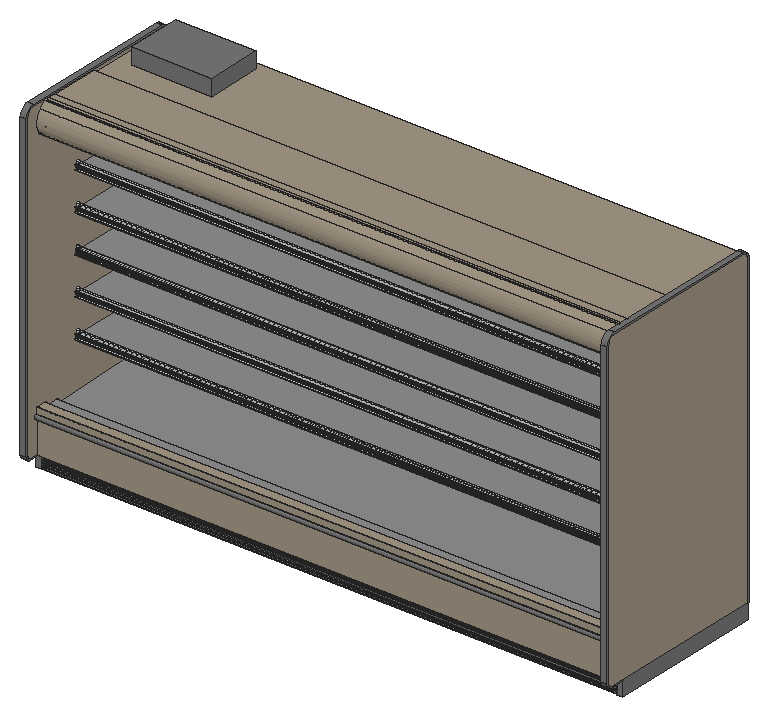
Revit family "5DMLH-NRG", category Mechanical Equipment, Revit 2017
Family settings
  Round Connector Dimension = Use Radius
  Part Type = Normal
  OmniClass Number = 23.40.40.11.17
  OmniClass Title = Refrigerated Cases
  Work Plane-Based = Yes
  Always vertical = Yes
  Cut with Voids When Loaded = No
  Shared = No
  Room Calculation Point = No
Parameters (values of type "12'")
  Width = 42 3/4"  # constant formula
  URL = "http://www.hillphoenix.com/?s=5dmlh"
  TOP REFRIGERATION PIPING = yes
  TOP ELECTRICAL = yes
  TOEKICK [instance] = MATTE BLACK PAINTED SHELVES
  STAINLESS STEEL = GALVANIZED STEEL
  SANITARY PIPE SIZE = DRAIN LINE DIAMETER / 2  # 3/4"
  Refrig Charge Lbs = "-"  # constant formula
  RT STD END = yes
  REFRIGERATION PIPING = COPPER PIPE
  SUCTION LINE RADIUS = SUCTION LINE DIAMETER / 2  # 1/4"
  SUCTION LINE DIAMETER = 1" / 2  # 1/2"
  SUCTION LINE CONNECTION = "SUCTION LINE CONNECTION"  # constant formula
  RUBBER BUMPER [instance] = BLACK
  PRESSURE REGULATOR = 0.00 psi  # constant formula
  POWER FACTOR = 1  # constant formula
  PAINTED METAL UPPER SHELF = PAINTED SHELVES
  PAINTED METAL INTERIOR [instance] = GALVANIZED STEEL
  PAINTED METAL EXTERIOR [instance] = CHARCOAL BROWN
  Model = "5DMLH-NRG"  # constant formula
  Manufacturer = "HILL PHOENIX"  # constant formula
  Load Mbh = 0  # constant formula
  Length = 144"
  Legend Number = Model  # "5DMLH-NRG"
  LOAD 5 WATTAGE = 0 W  # constant formula
  LOAD 5 VOLTAGE = 120 V  # constant formula
  LOAD 5 POLES = 1
  LOAD 5 PLUG TYPE = "HARDWIRED"  # constant formula
  LOAD 5 DESCRIPTION = "DRAIN HEATER CONNECTION"  # constant formula
  LOAD 5 CLASSIFICATION = none
  LOAD 4 WATTAGE = 0 W  # constant formula
  LOAD 4 VOLTAGE = 208 V  # constant formula
  LOAD 4 POLES = 1
  LOAD 4 PLUG TYPE = "HARDWIRED"  # constant formula
  LOAD 4 DESCRIPTION = "DEFROST HEATER CONNECTION"  # constant formula
  LOAD 4 CLASSIFICATION = none
  LOAD 3 WATTAGE = 0 W  # constant formula
  LOAD 3 VOLTAGE = 120 V  # constant formula
  LOAD 3 POLES = 1
  LOAD 3 PLUG TYPE = "HARDWIRED"  # constant formula
  LOAD 3 DESCRIPTION = "ANTI-SWEAT CONNECTION"  # constant formula
  LOAD 3 CLASSIFICATION = Power
  LOAD 2 WATTAGE = 0 W  # constant formula
  LOAD 2 VOLTAGE = 120 V  # constant formula
  LOAD 2 POLES = 1
  LOAD 2 PLUG TYPE = "HARDWIRED"  # constant formula
  LOAD 2 DESCRIPTION = "HIGH EFFICIENCY FANS CONNECTION"  # constant formula
  LOAD 2 CLASSIFICATION = Motor
  LOAD 1 WATTAGE = 0 W  # constant formula
  LOAD 1 VOLTAGE = 120 V  # constant formula
  LOAD 1 POLES = 1
  LOAD 1 PLUG TYPE = "HARDWIRED"  # constant formula
  LOAD 1 DESCRIPTION = "LIGHTS - STANDARD POWER (SHELF or CORNICE)"  # constant formula
  LOAD 1 CLASSIFICATION = Lighting
  LIQUID LINE RADIUS = 3/16"  # constant formula
  LIQUID LINE DIAMETER = LIQUID LINE RADIUS * 2  # 3/8"
  LIQUID LINE CONNECTION = "LIQUID LINE CONNECTION"  # constant formula
  LIGHT AMPS = LOAD 1 WATTAGE / LOAD 1 VOLTAGE  # 0 A
  LF STD END = yes
  Keynote = ""  # constant formula
  Item Description = Description  # "High Multi-Deck Merchandiser with Synerg-E™"
  Height = 82 5/8"  # constant formula
  HIGH EFFICIENCY FANS AMPS = LOAD 2 WATTAGE / LOAD 2 VOLTAGE * POWER FACTOR  # 0 A
  GLASS = Glass
  Evap Temp = 0  # constant formula
  EQUIPMENT MARK = Legend Number  # "5DMLH-NRG"
  EQUIPMENT DESCRIPTION = Item Description  # "High Multi-Deck Merchandiser with Synerg-E™"
  Description = "High Multi-Deck Merchandiser with Synerg-E™"  # constant formula
  Defrost Type = "TIMED-OFF DEFROST"  # constant formula
  Defrost Termination = "- °F"  # constant formula
  Defrost Num Day = 0  # constant formula
  Default Elevation = 48"
  DRIP PAN PLUMB TYPE = "HARD"  # constant formula
  DRAIN PIPING = yes
  DRAIN PIPE TYPE = "PVC"  # constant formula
  DRAIN LINE DIAMETER = 1 1/2"  # constant formula
  DRAIN LINE CONNECTION = "SANITARY CONNECTION"  # constant formula
  DRAIN LINE = Length / 2  # 72"
  DRAIN HEATERS AMPS = LOAD 5 WATTAGE / LOAD 5 VOLTAGE  # 0 A
  DISCHARGE AIR VELOCITY = "- (FPM)"  # constant formula
  DISCHARGE AIR TEMP = 0 °F  # constant formula
  DESIGNERS NAME = "SHIDDRAMESH"  # constant formula
  DEFROST AMPS = LOAD 4 WATTAGE / LOAD 4 VOLTAGE  # 0 A
  DATE = "05/02/2016"  # constant formula
  Certifications = "NSF 7, UL471, CSA"  # constant formula
  BOTTOM REFRIGERATION PIPING = yes
  BOTTOM ELECTRICAL = yes
  BASE [instance] = BLACK PAINTED METAL
  Assembly Code = ""
  ANTI CON AMPS = LOAD 3 WATTAGE / LOAD 3 VOLTAGE  # 0 A
  24" Shelf = yes
Reference planes (in)
  plane 1: z = 0.01963
  plane 2 "LEFT": x = 0
  plane 3 "CASE RIGHT": x = 144
  plane 4: z = 0
  plane 5: y = -15.80744
  plane 6: x = 145.5
  plane 7: x = 72
  plane 8: z = 82.625
  plane 9: y = -58.55744
  plane 10: x = 142
  plane 11: x = 130
Forms (in)
  Extrusion 1, solid, material "MATTE BLACK PAINTED SHELVES" <- "TOEKICK"
    sketch origin (0, 0, 0) x (0, 1, 0) y (0, 0, 1)
      loop
        line (-17.87946, 0.98) -> (-17.87946, 0.203)
        arc (-17.87946, 0.203) -> (-17.90699, 0.13653) -> (-17.97346, 0.109) r 0.094
        line (-17.97346, 0.109) -> (-19.34796, 0.109)
        arc (-19.34796, 0.109) -> (-19.41443, 0.13653) -> (-19.44196, 0.203) r 0.094
        line (-19.44196, 0.203) -> (-19.44196, 0.9805)
        arc (-19.44196, 0.9805) -> (-19.50142, 1.12404) -> (-19.64496, 1.1835) r 0.203
        line (-19.64496, 1.1835) -> (-20.11396, 1.1835)
        arc (-20.11396, 1.1835) -> (-20.25751, 1.12404) -> (-20.31696, 0.9805) r 0.203
        line (-20.31696, 0.9805) -> (-20.31696, 0.293) -> (-20.18096, 0.293) -> (-20.18096, 0.9805)
        arc (-20.18096, 0.9805) -> (-20.15343, 1.04697) -> (-20.08696, 1.0745) r 0.094
        line (-20.08696, 1.0745) -> (-19.64496, 1.0745)
        arc (-19.64496, 1.0745) -> (-19.57849, 1.04697) -> (-19.55096, 0.9805) r 0.094
        line (-19.55096, 0.9805) -> (-19.55096, 0.203)
        arc (-19.55096, 0.203) -> (-19.49151, 0.05946) -> (-19.34796, 0) r 0.203
        line (-19.34796, 0) -> (-17.97346, 0)
        arc (-17.97346, 0) -> (-17.82992, 0.05946) -> (-17.77046, 0.203) r 0.203
        line (-17.77046, 0.203) -> (-17.77046, 0.98) -> (-17.87946, 0.98)
      loop
        line (-49.37946, 0.98) -> (-49.48846, 0.98) -> (-49.48846, 0.203)
        arc (-49.48846, 0.203) -> (-49.42901, 0.05946) -> (-49.28546, 0) r 0.203
        line (-49.28546, 0) -> (-47.91096, 0)
        arc (-47.91096, 0) -> (-47.76742, 0.05946) -> (-47.70796, 0.203) r 0.203
        line (-47.70796, 0.203) -> (-47.70796, 0.9805)
        arc (-47.70796, 0.9805) -> (-47.68043, 1.04697) -> (-47.61396, 1.0745) r 0.094
        line (-47.61396, 1.0745) -> (-47.17196, 1.0745)
        arc (-47.17196, 1.0745) -> (-47.10549, 1.04697) -> (-47.07796, 0.9805) r 0.094
        line (-47.07796, 0.9805) -> (-47.07796, 0.293) -> (-46.94196, 0.293) -> (-46.94196, 0.9805)
        arc (-46.94196, 0.9805) -> (-47.00142, 1.12404) -> (-47.14496, 1.1835) r 0.203
        line (-47.14496, 1.1835) -> (-47.61396, 1.1835)
        arc (-47.61396, 1.1835) -> (-47.75751, 1.12404) -> (-47.81696, 0.9805) r 0.203
        line (-47.81696, 0.9805) -> (-47.81696, 0.203)
        arc (-47.81696, 0.203) -> (-47.84449, 0.13653) -> (-47.91096, 0.109) r 0.094
        line (-47.91096, 0.109) -> (-49.28546, 0.109)
        arc (-49.28546, 0.109) -> (-49.35193, 0.13653) -> (-49.37946, 0.203) r 0.094
        line (-49.37946, 0.203) -> (-49.37946, 0.98)
    from 0 to 144
  Extrusion 2, solid, material "MATTE BLACK PAINTED SHELVES" <- "TOEKICK"
    sketch origin (0, 0, 0) x (0, 1, 0) y (0, 0, 1)
      loop
        line (-17.87946, 4.14025) -> (-49.37946, 4.14025) -> (-49.37946, 0.203)
        arc (-49.37946, 0.203) -> (-49.35193, 0.13653) -> (-49.28546, 0.109) r 0.094
        line (-49.28546, 0.109) -> (-48.00446, 0.109) -> (-48.00446, 2.76525) -> (-19.25446, 2.76525) -> (-19.25446, 0.109) -> (-17.97346, 0.109)
        arc (-17.97346, 0.109) -> (-17.90699, 0.13653) -> (-17.87946, 0.203) r 0.094
        line (-17.87946, 0.203) -> (-17.87946, 4.14025)
    from 0 to 144
  Extrusion 3, solid, material "BLACK PAINTED METAL" <- "BASE"
    sketch origin (0, 0, 0) x (0, 1, 0) y (0, 0, 1)
      loop
        line (-49.37946, 4.14025) -> (-56.28796, 4.14025) -> (-56.28796, 0.4908)
        arc (-56.28796, 0.4908) -> (-56.24227, 0.38049) -> (-56.13196, 0.3348) r 0.156
        line (-56.13196, 0.3348) -> (-52.10756, 0.3348) -> (-49.37946, 1.06579) -> (-49.37946, 4.14025)
    from 0 to 144
  Extrusion 4, solid, material "MATTE BLACK PAINTED SHELVES" <- "TOEKICK"
    sketch origin (0, 0, 0) x (0, 1, 0) y (0, 0, 1)
      loop
        arc (-55.89331, 0) -> (-55.86431, 0.029) -> (-55.89331, 0.058) r 0.029
        line (-55.89331, 0.058) -> (-56.11431, 0.058) -> (-56.13462, 0.029) -> (-56.25696, 0.029)
        arc (-56.25696, 0.029) -> (-56.27888, 0.03808) -> (-56.28796, 0.06) r 0.031
        line (-56.28796, 0.06) -> (-56.28796, 3.904)
        arc (-56.28796, 3.904) -> (-56.30847, 3.89551) -> (-56.31696, 3.875) r 0.029
        line (-56.31696, 3.875) -> (-56.31696, 0.06)
        arc (-56.31696, 0.06) -> (-56.29939, 0.01757) -> (-56.25696, 0) r 0.06
        line (-56.25696, 0) -> (-55.89331, 0)
    from 0 to 144
  Extrusion 5, solid, material "MATTE BLACK PAINTED SHELVES" <- "TOEKICK"
    sketch origin (0, 0, 0) x (0, 1, 0) y (0, 0, 1)
      loop
        line (-17.87946, 4.14025) -> (-17.87946, 11.97925) -> (-19.85015, 11.97925) -> (-19.85015, 7.36919) -> (-52.79551, 6.21871) -> (-56.11069, 6.59627) -> (-56.11069, 10.60073) -> (-58.06275, 10.60073) -> (-58.06275, 4.14025) -> (-17.87946, 4.14025)
    from 0 to 144
  Extrusion 6, solid, material "CHARCOAL BROWN" <- "PAINTED METAL EXTERIOR"
    sketch origin (0, 0, 0) x (0, 1, 0) y (0, 0, 1)
      loop
        line (-17.87946, 11.97925) -> (-17.87946, 81.88725) -> (-53.59125, 81.88725) -> (-53.59125, 79.88725) -> (-19.85015, 79.88725) -> (-19.85015, 11.97925) -> (-17.87946, 11.97925)
    from 0 to 144
  Extrusion 7, solid, material "GALVANIZED STEEL" <- "PAINTED METAL INTERIOR"
    sketch origin (0, 0, 0) x (0, 1, 0) y (0, 0, 1)
      loop
        line (-19.85015, 79.88725) -> (-51.21346, 79.88725) -> (-51.21346, 76.74447)
        arc (-51.21346, 76.74447) -> (-51.19824, 76.70772) -> (-51.16149, 76.6925) r 0.05197
        line (-51.16149, 76.6925) -> (-50.80096, 76.6925) -> (-50.80096, 76.74328) -> (-51.16268, 76.74328) -> (-51.16268, 77.71992) -> (-47.23319, 77.71992) -> (-47.23319, 76.73928) -> (-47.65141, 76.73928) -> (-47.65141, 76.6885) -> (-47.24241, 76.6885)
        arc (-47.24241, 76.6885) -> (-47.19999, 76.70607) -> (-47.18241, 76.7485) r 0.06
        line (-47.18241, 76.7485) -> (-47.18241, 77.75831) -> (-25.51246, 77.75831) -> (-25.51246, 77.2175) -> (-22.87946, 77.2175)
        arc (-22.87946, 77.2175) -> (-22.1768, 76.92983) -> (-21.8776, 76.23201) r 1.002
        line (-21.8776, 76.23201) -> (-21.8776, 9.36925) -> (-19.85015, 9.36925) -> (-19.85015, 79.88725)
    from 0 to 144
  Extrusion 8, solid, material "GALVANIZED STEEL" <- "PAINTED METAL INTERIOR"
    sketch origin (0, 0, 0) x (0, 1, 0) y (0, 0, 1)
      loop
        line (-19.85015, 9.36925) -> (-21.8776, 9.36925) -> (-21.8776, 14.12644) -> (-22.87798, 14.09151)
        arc (-22.87798, 14.09151) -> (-22.90077, 14.08614) -> (-22.91977, 14.07246) r 0.06
        line (-22.91977, 14.07246) -> (-23.19107, 13.78152) -> (-52.49201, 12.75831) -> (-52.52597, 13.73072)
        arc (-52.52597, 13.73072) -> (-52.55041, 13.78435) -> (-52.60561, 13.80499) r 0.077
        line (-52.60561, 13.80499) -> (-56.11069, 13.68258) -> (-56.11069, 6.59627) -> (-52.79551, 6.21871) -> (-19.85015, 7.36919) -> (-19.85015, 9.36925)
    from 0 to 144
  Extrusion 9, solid, material "CHARCOAL BROWN" <- "PAINTED METAL EXTERIOR"
    sketch origin (0, 0, 0) x (0, 1, 0) y (0, 0, 1)
      loop
        line (-58.55744, 3.84325) -> (-57.39846, 3.84325) -> (-57.39846, 4.14025) -> (-58.06275, 4.14025) -> (-58.06275, 14.00694) -> (-56.10571, 14.00694) -> (-56.10571, 14.7182)
        arc (-56.10571, 14.7182) -> (-56.12387, 14.76204) -> (-56.16771, 14.7802) r 0.062
        line (-56.16771, 14.7802) -> (-58.56931, 14.7802)
        arc (-58.56931, 14.7802) -> (-58.61315, 14.76204) -> (-58.63131, 14.7182) r 0.062
        line (-58.63131, 14.7182) -> (-58.63131, 12.7282) -> (-58.55744, 12.7282) -> (-58.55744, 3.84325)
    from 0 to 144
  Extrusion 10, solid, material "CHARCOAL BROWN" <- "PAINTED METAL EXTERIOR"
    sketch origin (0, 0, 0) x (0, 1, 0) y (0, 0, 1)
      loop
        line (-58.06275, 14.00694) -> (-58.06275, 10.60073) -> (-56.11069, 10.60073) -> (-56.11069, 14.00694) -> (-58.06275, 14.00694)
    from 0 to 144
  Extrusion 11, solid, material "PAINTED SHELVES" <- "PAINTED METAL UPPER SHELF"
    sketch origin (0, -3.23939, 7.0032) x (0, 1, 0) y (0, 0, 1)
      loop
        line (-43.99381, 69.73609) -> (-43.99381, 70.71673) -> (-47.92329, 70.71673) -> (-47.92329, 69.73609) -> (-43.99381, 69.73609)
    from 0 to 144
  Extrusion 12, solid, material "CHARCOAL BROWN" <- "PAINTED METAL EXTERIOR", visible <- "LF STD END"
    sketch origin (0, 0, 0) x (0, 1, 0) y (0, 0, 1)
      loop
        arc (-59.44653, 82.625) -> (-60.86074, 82.03921) -> (-61.44653, 80.625) r 2
        line (-61.44653, 80.625) -> (-61.44653, 4.89025)
        arc (-61.44653, 4.89025) -> (-61.15363, 4.18314) -> (-60.44653, 3.89025) r 1
        line (-60.44653, 3.89025) -> (-17.87946, 3.89025) -> (-17.87946, 81.625)
        arc (-17.87946, 81.625) -> (-18.17236, 82.33211) -> (-18.87946, 82.625) r 1
        line (-18.87946, 82.625) -> (-59.44653, 82.625)
    from 0 to -1.5
  Extrusion 13, solid, material "BLACK" <- "RUBBER BUMPER", visible <- "LF STD END"
    sketch origin (0, 0, 0) x (0, 1, 0) y (0, 0, 1)
      loop
        line (-59.44653, 82.625) -> (-18.87946, 82.625)
        arc (-18.87946, 82.625) -> (-18.17236, 82.33211) -> (-17.87946, 81.625) r 1
        line (-17.87946, 81.625) -> (-17.87946, 3.89025) -> (-17.57868, 3.89025) -> (-17.57868, 81.625)
        arc (-17.57868, 81.625) -> (-17.95967, 82.54479) -> (-18.87946, 82.92578) r 1.30078
        line (-18.87946, 82.92578) -> (-59.44653, 82.92578)
        arc (-59.44653, 82.92578) -> (-61.07342, 82.2519) -> (-61.74731, 80.625) r 2.30078
        line (-61.74731, 80.625) -> (-61.74731, 4.89025)
        arc (-61.74731, 4.89025) -> (-61.36632, 3.97046) -> (-60.44653, 3.58947) r 1.30078
        line (-60.44653, 3.58947) -> (-56.84129, 3.58947) -> (-56.84129, 3.89025) -> (-60.44653, 3.89025)
        arc (-60.44653, 3.89025) -> (-61.15363, 4.18314) -> (-61.44653, 4.89025) r 1
        line (-61.44653, 4.89025) -> (-61.44653, 80.625)
        arc (-61.44653, 80.625) -> (-60.86074, 82.03921) -> (-59.44653, 82.625) r 2
    from 0 to -1.5
  Extrusion 14, solid, material "BLACK" <- "RUBBER BUMPER", visible <- "LF STD END"
    sketch origin (0, 0, 0) x (0, 1, 0) y (0, 0, 1)
      loop
        line (-17.57868, 3.89025) -> (-56.84129, 3.89025) -> (-56.84129, 0) -> (-17.57868, 0) -> (-17.57868, 3.89025)
    from 0 to -1.5
  Extrusion 15, solid, material "BLACK" <- "RUBBER BUMPER"
    sketch origin (0, 0, 0) x (0, 1, 0) y (0, 0, 1)
      loop
        arc (-58.96169, 13.2282) -> (-59.46169, 12.7282) -> (-58.96169, 12.2282) r 0.5
        line (-58.96169, 12.2282) -> (-58.63131, 12.2282) -> (-58.63131, 13.2282) -> (-58.96169, 13.2282)
    from 0 to 144
  Extrusion 16, solid, material "CHARCOAL BROWN" <- "PAINTED METAL EXTERIOR", visible <- "RT STD END"
    sketch origin (77.5, 0, 0) x (0, 1, 0) y (0, 0, 1)
      loop
        arc (-59.44653, 82.625) -> (-60.86074, 82.03921) -> (-61.44653, 80.625) r 2
        line (-61.44653, 80.625) -> (-61.44653, 4.89025)
        arc (-61.44653, 4.89025) -> (-61.15363, 4.18314) -> (-60.44653, 3.89025) r 1
        line (-60.44653, 3.89025) -> (-17.87946, 3.89025) -> (-17.87946, 81.625)
        arc (-17.87946, 81.625) -> (-18.17236, 82.33211) -> (-18.87946, 82.625) r 1
        line (-18.87946, 82.625) -> (-59.44653, 82.625)
    from 68 to 66.5
  Extrusion 17, solid, material "BLACK" <- "RUBBER BUMPER", visible <- "RT STD END"
    sketch origin (77.5, 0, 0) x (0, 1, 0) y (0, 0, 1)
      loop
        line (-59.44653, 82.625) -> (-18.87946, 82.625)
        arc (-18.87946, 82.625) -> (-18.17236, 82.33211) -> (-17.87946, 81.625) r 1
        line (-17.87946, 81.625) -> (-17.87946, 3.89025) -> (-17.57868, 3.89025) -> (-17.57868, 81.625)
        arc (-17.57868, 81.625) -> (-17.95967, 82.54479) -> (-18.87946, 82.92578) r 1.30078
        line (-18.87946, 82.92578) -> (-59.44653, 82.92578)
        arc (-59.44653, 82.92578) -> (-61.07342, 82.2519) -> (-61.74731, 80.625) r 2.30078
        line (-61.74731, 80.625) -> (-61.74731, 4.89025)
        arc (-61.74731, 4.89025) -> (-61.36632, 3.97046) -> (-60.44653, 3.58947) r 1.30078
        line (-60.44653, 3.58947) -> (-56.84129, 3.58947) -> (-56.84129, 3.89025) -> (-60.44653, 3.89025)
        arc (-60.44653, 3.89025) -> (-61.15363, 4.18314) -> (-61.44653, 4.89025) r 1
        line (-61.44653, 4.89025) -> (-61.44653, 80.625)
        arc (-61.44653, 80.625) -> (-60.86074, 82.03921) -> (-59.44653, 82.625) r 2
    from 68 to 66.5
  Extrusion 18, solid, material "BLACK" <- "RUBBER BUMPER", visible <- "RT STD END"
    sketch origin (77.5, 0, 0) x (0, 1, 0) y (0, 0, 1)
      loop
        line (-17.57868, 3.89025) -> (-56.84129, 3.89025) -> (-56.84129, 0) -> (-17.57868, 0) -> (-17.57868, 3.89025)
    from 68 to 66.5
  Extrusion 19, solid, material "MATTE BLACK PAINTED SHELVES" <- "TOEKICK", visible <- "TOP REFRIGERATION PIPING"
    sketch origin (0, 0, 0) x (1, 0, 0) y (0, 1, 0)
      loop
        line (142, -14.77046) -> (130, -14.77046) -> (130, -17.77046) -> (130.15196, -17.77046) -> (130.15196, -14.87431) -> (141.77483, -14.87431) -> (141.77483, -17.77046) -> (142, -17.77046) -> (142, -14.77046)
    from 9.36925 to 76.6925
  Extrusion 20, solid, material "COPPER PIPE" <- "REFRIGERATION PIPING", visible <- "TOP REFRIGERATION PIPING"
    sketch origin (2.26952, -0.38397, 0) x (1, 0, 0) y (0, 1, 0)
      loop
        circle (135.125, -16.90595) r 0.375
      loop
        circle (137.62779, -16.92481) r 0.40367
    from 31.20344 to 77.2175
  Extrusion 21, void
    sketch origin (0, 0, 0) x (1, 0, 0) y (0, 1, 0)
      loop
        circle (135.25, -46.00446) r 2
    from 2.76525 to 6.22241
  Extrusion 22, solid, material "COPPER PIPE" <- "REFRIGERATION PIPING", visible <- "BOTTOM REFRIGERATION PIPING"
    sketch origin (0, 0, 0) x (1, 0, 0) y (0, 1, 0)
      loop
        circle (136.12935, -46.00446) r 0.5
      loop
        circle (134.28718, -46.00446) r 0.375
    from 2.53688 to 4.14025
  Extrusion 23, void
    sketch origin (0, 0, 0) x (1, 0, 0) y (0, 1, 0)
      loop
        line (5, -51.80744) -> (5, -55.80744) -> (25.125, -55.80744) -> (25.125, -51.80744) -> (5, -51.80744)
    from 0.3348 to 2.76525
  Extrusion 24, solid, material "BLACK PAINTED METAL" <- "BASE", visible <- "BOTTOM ELECTRICAL"
    sketch origin (0, 0, 0) x (1, 0, 0) y (0, 1, 0)
      loop
        line (5, -51.80744) -> (5, -55.80744) -> (25.125, -55.80744) -> (25.125, -51.80744) -> (5, -51.80744)
    from 2.76525 to 2.51525
  Extrusion 25, solid, material "GALVANIZED STEEL" <- "PAINTED METAL INTERIOR", visible <- "24" Shelf"
    sketch origin (0, 0, 38.48893) x (0, 1, 0) y (0, 0, 1)
      loop
        line (-21.8776, 24.95738) -> (-45.8776, 24.95738) -> (-45.8776, 24.39738) -> (-34.71365, 24.39738) -> (-34.65504, 24.26192) -> (-25.21157, 23.32897)
        arc (-25.21157, 23.32897) -> (-24.5432, 23.14859) -> (-23.94993, 22.79183) r 2.5
        line (-23.94993, 22.79183) -> (-23.2471, 22.22312)
        arc (-23.2471, 22.22312) -> (-22.94367, 22.05499) -> (-22.60106, 22.00065) r 1
        line (-22.60106, 22.00065) -> (-21.8776, 22.01295) -> (-21.8776, 24.95738)
    from 0 to 144
  Extrusion 26, solid, material "GALVANIZED STEEL" <- "PAINTED METAL INTERIOR", visible <- "24" Shelf"
    sketch origin (0, 0, 28.98893) x (0, 1, 0) y (0, 0, 1)
      loop
        line (-21.8776, 24.95738) -> (-45.8776, 24.95738) -> (-45.8776, 24.39738) -> (-34.71365, 24.39738) -> (-34.65504, 24.26192) -> (-25.21157, 23.32897)
        arc (-25.21157, 23.32897) -> (-24.5432, 23.14859) -> (-23.94993, 22.79183) r 2.5
        line (-23.94993, 22.79183) -> (-23.2471, 22.22312)
        arc (-23.2471, 22.22312) -> (-22.94367, 22.05499) -> (-22.60106, 22.00065) r 1
        line (-22.60106, 22.00065) -> (-21.8776, 22.01295) -> (-21.8776, 24.95738)
    from 0 to 144 <- "Length"
  Extrusion 27, solid, material "GALVANIZED STEEL" <- "PAINTED METAL INTERIOR", visible <- "24" Shelf"
    sketch origin (0, 0, 19.48893) x (0, 1, 0) y (0, 0, 1)
      loop
        line (-21.8776, 24.95738) -> (-45.8776, 24.95738) -> (-45.8776, 24.39738) -> (-34.71365, 24.39738) -> (-34.65504, 24.26192) -> (-25.21157, 23.32897)
        arc (-25.21157, 23.32897) -> (-24.5432, 23.14859) -> (-23.94993, 22.79183) r 2.5
        line (-23.94993, 22.79183) -> (-23.2471, 22.22312)
        arc (-23.2471, 22.22312) -> (-22.94367, 22.05499) -> (-22.60106, 22.00065) r 1
        line (-22.60106, 22.00065) -> (-21.8776, 22.01295) -> (-21.8776, 24.95738)
    from 0 to 144 <- "Length"
  Extrusion 28, solid, material "GALVANIZED STEEL" <- "PAINTED METAL INTERIOR", visible <- "24" Shelf"
    sketch origin (0, 0, 9.98893) x (0, 1, 0) y (0, 0, 1)
      loop
        line (-21.8776, 24.95738) -> (-45.8776, 24.95738) -> (-45.8776, 24.39738) -> (-34.71365, 24.39738) -> (-34.65504, 24.26192) -> (-25.21157, 23.32897)
        arc (-25.21157, 23.32897) -> (-24.5432, 23.14859) -> (-23.94993, 22.79183) r 2.5
        line (-23.94993, 22.79183) -> (-23.2471, 22.22312)
        arc (-23.2471, 22.22312) -> (-22.94367, 22.05499) -> (-22.60106, 22.00065) r 1
        line (-22.60106, 22.00065) -> (-21.8776, 22.01295) -> (-21.8776, 24.95738)
    from 0 to 144 <- "Length"
  Extrusion 29, solid, material "GALVANIZED STEEL" <- "PAINTED METAL INTERIOR", visible <- "24" Shelf"
    sketch origin (0, 0, 0.48893) x (0, 1, 0) y (0, 0, 1)
      loop
        line (-21.8776, 24.95738) -> (-45.8776, 24.95738) -> (-45.8776, 24.39738) -> (-34.71365, 24.39738) -> (-34.65504, 24.26192) -> (-25.21157, 23.32897)
        arc (-25.21157, 23.32897) -> (-24.5432, 23.14859) -> (-23.94993, 22.79183) r 2.5
        line (-23.94993, 22.79183) -> (-23.2471, 22.22312)
        arc (-23.2471, 22.22312) -> (-22.94367, 22.05499) -> (-22.60106, 22.00065) r 1
        line (-22.60106, 22.00065) -> (-21.8776, 22.01295) -> (-21.8776, 24.95738)
    from 0 to 144 <- "Length"
  Extrusion 30, solid
    sketch origin (0, -5.96615, 0.04429) x (0, 1, 0) y (0, 0, 1)
      loop
        arc (-39.91306, 63.62142) -> (-39.84928, 63.68) -> (-39.77211, 63.6407) r 0.07591
        line (-39.77211, 63.6407) -> (-39.74318, 63.56666) -> (-39.70364, 63.58211) -> (-39.75198, 63.70581)
        arc (-39.75198, 63.70581) -> (-39.7965, 63.75539) -> (-39.85962, 63.77679) r 0.13153
        line (-39.85962, 63.77679) -> (-39.96618, 63.77679) -> (-39.96618, 62.64264)
        arc (-39.96618, 62.64264) -> (-39.99346, 62.58256) -> (-40.05177, 62.55167) r 0.10223
        line (-40.05177, 62.55167) -> (-40.22932, 62.52317)
        arc (-40.22932, 62.52317) -> (-40.31622, 62.56233) -> (-40.3285, 62.65686) r 0.09779
        arc (-40.3285, 62.65686) -> (-40.24252, 62.89614) -> (-40.20636, 63.14781) r 1.25899
        line (-40.20636, 63.14781) -> (-40.19258, 63.77595) -> (-40.41228, 63.77595)
        arc (-40.41228, 63.77595) -> (-40.4361, 63.76811) -> (-40.45224, 63.74892) r 0.04591
        line (-40.45224, 63.74892) -> (-40.47616, 63.70634) -> (-40.49013, 63.6679)
        arc (-40.49013, 63.6679) -> (-40.47292, 63.64673) -> (-40.45, 63.66152) r 0.02044
        line (-40.45, 63.66152) -> (-40.42738, 63.72371)
        arc (-40.42738, 63.72371) -> (-40.40775, 63.73312) -> (-40.38832, 63.72331) r 0.02465
        arc (-40.38832, 63.72331) -> (-40.34429, 63.66819) -> (-40.31288, 63.60501) r 0.33237
        line (-40.31288, 63.60501) -> (-40.27901, 63.60501) -> (-40.27901, 63.41736) -> (-40.24796, 63.40951) -> (-40.27969, 63.28146) -> (-40.28306, 63.11749)
        arc (-40.28306, 63.11749) -> (-40.26625, 63.08199) -> (-40.29039, 63.05099) r 0.03746
        line (-40.29039, 63.05099) -> (-40.30703, 62.94202)
        arc (-40.30703, 62.94202) -> (-40.29857, 62.90549) -> (-40.32574, 62.87964) r 0.0378
        arc (-40.32574, 62.87964) -> (-40.38066, 62.71676) -> (-40.46227, 62.56548) r 1.01517
        arc (-40.46227, 62.56548) -> (-40.48431, 62.54533) -> (-40.50931, 62.56168) r 0.02436
        line (-40.50931, 62.56168) -> (-40.52909, 62.6191)
        arc (-40.52909, 62.6191) -> (-40.55536, 62.62204) -> (-40.56468, 62.5973) r 0.02153
        arc (-40.56468, 62.5973) -> (-40.49202, 62.47808) -> (-40.36735, 62.41525) r 0.25404
        arc (-40.36735, 62.41525) -> (-40.33437, 62.41168) -> (-40.30145, 62.41579) r 0.14316
        line (-40.30145, 62.41579) -> (-39.83801, 62.49187)
        arc (-39.83801, 62.49187) -> (-39.76664, 62.52527) -> (-39.7259, 62.59272) r 0.13554
        line (-39.7259, 62.59272) -> (-39.69374, 62.68276) -> (-39.73329, 62.69689) -> (-39.77021, 62.62031)
        arc (-39.77021, 62.62031) -> (-39.855, 62.58768) -> (-39.90985, 62.66009) r 0.07556
        line (-39.90985, 62.66009) -> (-39.91306, 63.62142)
    from 0 to 144 <- "Length"
  Extrusion 31, solid
    sketch origin (0, -6.00003, 0) x (0, 1, 0) y (0, 0, 1)
      loop
        line (-39.93229, 62.69634) -> (-39.93229, 64.5102)
        arc (-39.93229, 64.5102) -> (-40.04295, 64.62086) -> (-40.15361, 64.5102) r 0.11066
        line (-40.15361, 64.5102) -> (-40.15361, 62.69634) -> (-39.93229, 62.69634)
    from 0 to 144 <- "Length"
  Extrusion 32, solid, material "BLACK" <- "RUBBER BUMPER"
    sketch origin (0, -2.38452, 0) x (0, 1, 0) y (0, 0, 1)
      loop
        line (-53.93244, 3.89025) -> (-54.19593, 3.89025) -> (-54.19593, 2.33095) -> (-54.19593, 2.25841)
        arc (-54.19593, 2.25841) -> (-54.27278, 2.20834) -> (-54.36339, 2.19407) r 0.21935
        line (-54.36339, 2.19407) -> (-54.36339, 1.94039) -> (-54.32356, 1.94039) -> (-54.11108, 1.98096) -> (-54.18078, 1.76046)
        arc (-54.18078, 1.76046) -> (-54.2498, 1.64594) -> (-54.36339, 1.57539) r 0.28558
        line (-54.36339, 1.57539) -> (-54.36339, 1.32171) -> (-54.32356, 1.32171) -> (-54.11108, 1.36481) -> (-54.18078, 1.14178)
        arc (-54.18078, 1.14178) -> (-54.24964, 1.02711) -> (-54.36339, 0.95672) r 0.28378
        line (-54.36339, 0.95672) -> (-54.36339, 0.70303) -> (-54.32356, 0.70303) -> (-54.11108, 0.74614) -> (-54.17388, 0.52115)
        arc (-54.17388, 0.52115) -> (-54.257, 0.39572) -> (-54.39427, 0.33406) r 0.27065
        line (-54.39427, 0.33406) -> (-54.39427, 0) -> (-53.93244, 0) -> (-53.93244, 3.89025)
    from 0 to 144
  Extrusion 33, solid, material "BLACK" <- "RUBBER BUMPER", visible <- "TOP ELECTRICAL"
    sketch origin (0.8125, 3.43055, 0) x (0, 1, 0) y (0, 0, 1)
      loop
        line (-23.21475, 81.88725) -> (-23.21475, 85.90525) -> (-37.21475, 85.90525) -> (-37.21475, 81.88725) -> (-23.21475, 81.88725)
    from 3.1875 to 23.1875
  Extrusion 34, solid, material "CHARCOAL BROWN" <- "PAINTED METAL EXTERIOR"
    sketch origin (0, -5.24389, -1.0438) x (0, 1, 0) y (0, 0, 1)
      loop
        line (-48.03141, 83.6688) -> (-50.71987, 83.6688) -> (-50.71987, 83.50875) -> (-51.16987, 83.07175) -> (-51.16987, 82.91679) -> (-52.4926, 81.02774) -> (-52.4926, 77.00015)
        arc (-52.4926, 77.00015) -> (-52.47633, 76.94934) -> (-52.43359, 76.91742) r 0.0875
        line (-52.43359, 76.91742) -> (-52.03235, 76.77926)
        arc (-52.03235, 76.77926) -> (-51.98418, 76.77674) -> (-51.94199, 76.80013) r 0.0875
        line (-51.94199, 76.80013) -> (-51.81026, 76.93186)
        arc (-51.81026, 76.93186) -> (-51.81026, 76.94953) -> (-51.82793, 76.94953) r 0.0125
        line (-51.82793, 76.94953) -> (-51.95966, 76.8178)
        arc (-51.95966, 76.8178) -> (-51.9898, 76.8011) -> (-52.02421, 76.8029) r 0.0625
        line (-52.02421, 76.8029) -> (-52.42545, 76.94106)
        arc (-52.42545, 76.94106) -> (-52.45598, 76.96386) -> (-52.4676, 77.00015) r 0.0625
        line (-52.4676, 77.00015) -> (-52.4676, 78.19796) -> (-48.38112, 79.29293) -> (-47.39922, 78.83506) -> (-45.9698, 79.35533) -> (-45.9698, 80.93105) -> (-48.34736, 80.93105) -> (-48.34736, 82.93105) -> (-35.57769, 82.93105) -> (-35.57769, 83.5008) -> (-48.03141, 83.5008) -> (-48.03141, 83.6688)
    from 0 to 144
  Extrusion 35, solid, material "GALVANIZED STEEL" <- "STAINLESS STEEL"
    sketch origin (0, -5.24389, -1.0438) x (0, 1, 0) y (0, 0, 1)
      loop
        circle (-49.19096, 78.34486) r 0.4375
      loop
        circle (-50.77169, 77.9175) r 0.4375
    from 0 to 144
  Extrusion 36, solid, material "CHARCOAL BROWN" <- "PAINTED METAL EXTERIOR"
    sketch origin (0, 0, -6) x (0, 1, 0) y (0, 0, 1)
      loop
        line (-55.19644, 88.68594) -> (-55.99944, 88.68594)
        arc (-55.99944, 88.68594) -> (-56.11119, 88.66321) -> (-56.20517, 88.59862) r 0.286
        line (-56.20517, 88.59862) -> (-57.56879, 87.18655)
        arc (-57.56879, 87.18655) -> (-58.70138, 84.41813) -> (-57.61727, 81.63037) r 4.036
        arc (-57.61727, 81.63037) -> (-57.4131, 81.53946) -> (-57.20587, 81.62318) r 0.286
        line (-57.20587, 81.62318) -> (-56.94707, 81.88199) -> (-57.00364, 81.93855) -> (-57.26244, 81.67975)
        arc (-57.26244, 81.67975) -> (-57.4117, 81.61945) -> (-57.55877, 81.68492) r 0.206
        arc (-57.55877, 81.68492) -> (-58.61517, 84.15867) -> (-57.84554, 86.73609) r 3.956
        arc (-57.84554, 86.73609) -> (-57.68485, 86.93901) -> (-57.51124, 87.13098) r 3.956
        line (-57.51124, 87.13098) -> (-56.12042, 88.57122)
        arc (-56.12042, 88.57122) -> (-56.06254, 88.611) -> (-55.99371, 88.625) r 0.17614
        line (-55.99371, 88.625) -> (-55.19644, 88.625) -> (-55.19644, 88.68594)
    from 0 to 144
  Extrusion 37, solid
    sketch origin (0, -5.96615, -9.45571) x (0, 1, 0) y (0, 0, 1)
      loop
        arc (-39.91306, 63.62142) -> (-39.84928, 63.68) -> (-39.77211, 63.6407) r 0.07591
        line (-39.77211, 63.6407) -> (-39.74318, 63.56666) -> (-39.70364, 63.58211) -> (-39.75198, 63.70581)
        arc (-39.75198, 63.70581) -> (-39.7965, 63.75539) -> (-39.85962, 63.77679) r 0.13153
        line (-39.85962, 63.77679) -> (-39.96618, 63.77679) -> (-39.96618, 62.64264)
        arc (-39.96618, 62.64264) -> (-39.99346, 62.58256) -> (-40.05177, 62.55167) r 0.10223
        line (-40.05177, 62.55167) -> (-40.22932, 62.52317)
        arc (-40.22932, 62.52317) -> (-40.31622, 62.56233) -> (-40.3285, 62.65686) r 0.09779
        arc (-40.3285, 62.65686) -> (-40.24252, 62.89614) -> (-40.20636, 63.14781) r 1.25899
        line (-40.20636, 63.14781) -> (-40.19258, 63.77595) -> (-40.41228, 63.77595)
        arc (-40.41228, 63.77595) -> (-40.4361, 63.76811) -> (-40.45224, 63.74892) r 0.04591
        line (-40.45224, 63.74892) -> (-40.47616, 63.70634) -> (-40.49013, 63.6679)
        arc (-40.49013, 63.6679) -> (-40.47292, 63.64673) -> (-40.45, 63.66152) r 0.02044
        line (-40.45, 63.66152) -> (-40.42738, 63.72371)
        arc (-40.42738, 63.72371) -> (-40.40775, 63.73312) -> (-40.38832, 63.72331) r 0.02465
        arc (-40.38832, 63.72331) -> (-40.34429, 63.66819) -> (-40.31288, 63.60501) r 0.33237
        line (-40.31288, 63.60501) -> (-40.27901, 63.60501) -> (-40.27901, 63.41736) -> (-40.24796, 63.40951) -> (-40.27969, 63.28146) -> (-40.28306, 63.11749)
        arc (-40.28306, 63.11749) -> (-40.26625, 63.08199) -> (-40.29039, 63.05099) r 0.03746
        line (-40.29039, 63.05099) -> (-40.30703, 62.94202)
        arc (-40.30703, 62.94202) -> (-40.29857, 62.90549) -> (-40.32574, 62.87964) r 0.0378
        arc (-40.32574, 62.87964) -> (-40.38066, 62.71676) -> (-40.46227, 62.56548) r 1.01517
        arc (-40.46227, 62.56548) -> (-40.48431, 62.54533) -> (-40.50931, 62.56168) r 0.02436
        line (-40.50931, 62.56168) -> (-40.52909, 62.6191)
        arc (-40.52909, 62.6191) -> (-40.55536, 62.62204) -> (-40.56468, 62.5973) r 0.02153
        arc (-40.56468, 62.5973) -> (-40.49202, 62.47808) -> (-40.36735, 62.41525) r 0.25404
        arc (-40.36735, 62.41525) -> (-40.33437, 62.41168) -> (-40.30145, 62.41579) r 0.14316
        line (-40.30145, 62.41579) -> (-39.83801, 62.49187)
        arc (-39.83801, 62.49187) -> (-39.76664, 62.52527) -> (-39.7259, 62.59272) r 0.13554
        line (-39.7259, 62.59272) -> (-39.69374, 62.68276) -> (-39.73329, 62.69689) -> (-39.77021, 62.62031)
        arc (-39.77021, 62.62031) -> (-39.855, 62.58768) -> (-39.90985, 62.66009) r 0.07556
        line (-39.90985, 62.66009) -> (-39.91306, 63.62142)
    from 0 to 144 <- "Length"
  Extrusion 38, solid
    sketch origin (0, -6.00003, -9.5) x (0, 1, 0) y (0, 0, 1)
      loop
        line (-39.93229, 62.69634) -> (-39.93229, 64.5102)
        arc (-39.93229, 64.5102) -> (-40.04295, 64.62086) -> (-40.15361, 64.5102) r 0.11066
        line (-40.15361, 64.5102) -> (-40.15361, 62.69634) -> (-39.93229, 62.69634)
    from 0 to 144 <- "Length"
  Extrusion 39, solid
    sketch origin (0, -5.96615, -18.95571) x (0, 1, 0) y (0, 0, 1)
      loop
        arc (-39.91306, 63.62142) -> (-39.84928, 63.68) -> (-39.77211, 63.6407) r 0.07591
        line (-39.77211, 63.6407) -> (-39.74318, 63.56666) -> (-39.70364, 63.58211) -> (-39.75198, 63.70581)
        arc (-39.75198, 63.70581) -> (-39.7965, 63.75539) -> (-39.85962, 63.77679) r 0.13153
        line (-39.85962, 63.77679) -> (-39.96618, 63.77679) -> (-39.96618, 62.64264)
        arc (-39.96618, 62.64264) -> (-39.99346, 62.58256) -> (-40.05177, 62.55167) r 0.10223
        line (-40.05177, 62.55167) -> (-40.22932, 62.52317)
        arc (-40.22932, 62.52317) -> (-40.31622, 62.56233) -> (-40.3285, 62.65686) r 0.09779
        arc (-40.3285, 62.65686) -> (-40.24252, 62.89614) -> (-40.20636, 63.14781) r 1.25899
        line (-40.20636, 63.14781) -> (-40.19258, 63.77595) -> (-40.41228, 63.77595)
        arc (-40.41228, 63.77595) -> (-40.4361, 63.76811) -> (-40.45224, 63.74892) r 0.04591
        line (-40.45224, 63.74892) -> (-40.47616, 63.70634) -> (-40.49013, 63.6679)
        arc (-40.49013, 63.6679) -> (-40.47292, 63.64673) -> (-40.45, 63.66152) r 0.02044
        line (-40.45, 63.66152) -> (-40.42738, 63.72371)
        arc (-40.42738, 63.72371) -> (-40.40775, 63.73312) -> (-40.38832, 63.72331) r 0.02465
        arc (-40.38832, 63.72331) -> (-40.34429, 63.66819) -> (-40.31288, 63.60501) r 0.33237
        line (-40.31288, 63.60501) -> (-40.27901, 63.60501) -> (-40.27901, 63.41736) -> (-40.24796, 63.40951) -> (-40.27969, 63.28146) -> (-40.28306, 63.11749)
        arc (-40.28306, 63.11749) -> (-40.26625, 63.08199) -> (-40.29039, 63.05099) r 0.03746
        line (-40.29039, 63.05099) -> (-40.30703, 62.94202)
        arc (-40.30703, 62.94202) -> (-40.29857, 62.90549) -> (-40.32574, 62.87964) r 0.0378
        arc (-40.32574, 62.87964) -> (-40.38066, 62.71676) -> (-40.46227, 62.56548) r 1.01517
        arc (-40.46227, 62.56548) -> (-40.48431, 62.54533) -> (-40.50931, 62.56168) r 0.02436
        line (-40.50931, 62.56168) -> (-40.52909, 62.6191)
        arc (-40.52909, 62.6191) -> (-40.55536, 62.62204) -> (-40.56468, 62.5973) r 0.02153
        arc (-40.56468, 62.5973) -> (-40.49202, 62.47808) -> (-40.36735, 62.41525) r 0.25404
        arc (-40.36735, 62.41525) -> (-40.33437, 62.41168) -> (-40.30145, 62.41579) r 0.14316
        line (-40.30145, 62.41579) -> (-39.83801, 62.49187)
        arc (-39.83801, 62.49187) -> (-39.76664, 62.52527) -> (-39.7259, 62.59272) r 0.13554
        line (-39.7259, 62.59272) -> (-39.69374, 62.68276) -> (-39.73329, 62.69689) -> (-39.77021, 62.62031)
        arc (-39.77021, 62.62031) -> (-39.855, 62.58768) -> (-39.90985, 62.66009) r 0.07556
        line (-39.90985, 62.66009) -> (-39.91306, 63.62142)
    from 0 to 144 <- "Length"
  Extrusion 40, solid
    sketch origin (0, -6.00003, -19) x (0, 1, 0) y (0, 0, 1)
      loop
        line (-39.93229, 62.69634) -> (-39.93229, 64.5102)
        arc (-39.93229, 64.5102) -> (-40.04295, 64.62086) -> (-40.15361, 64.5102) r 0.11066
        line (-40.15361, 64.5102) -> (-40.15361, 62.69634) -> (-39.93229, 62.69634)
    from 0 to 144 <- "Length"
  Extrusion 41, solid
    sketch origin (0, -5.96615, -28.45571) x (0, 1, 0) y (0, 0, 1)
      loop
        arc (-39.91306, 63.62142) -> (-39.84928, 63.68) -> (-39.77211, 63.6407) r 0.07591
        line (-39.77211, 63.6407) -> (-39.74318, 63.56666) -> (-39.70364, 63.58211) -> (-39.75198, 63.70581)
        arc (-39.75198, 63.70581) -> (-39.7965, 63.75539) -> (-39.85962, 63.77679) r 0.13153
        line (-39.85962, 63.77679) -> (-39.96618, 63.77679) -> (-39.96618, 62.64264)
        arc (-39.96618, 62.64264) -> (-39.99346, 62.58256) -> (-40.05177, 62.55167) r 0.10223
        line (-40.05177, 62.55167) -> (-40.22932, 62.52317)
        arc (-40.22932, 62.52317) -> (-40.31622, 62.56233) -> (-40.3285, 62.65686) r 0.09779
        arc (-40.3285, 62.65686) -> (-40.24252, 62.89614) -> (-40.20636, 63.14781) r 1.25899
        line (-40.20636, 63.14781) -> (-40.19258, 63.77595) -> (-40.41228, 63.77595)
        arc (-40.41228, 63.77595) -> (-40.4361, 63.76811) -> (-40.45224, 63.74892) r 0.04591
        line (-40.45224, 63.74892) -> (-40.47616, 63.70634) -> (-40.49013, 63.6679)
        arc (-40.49013, 63.6679) -> (-40.47292, 63.64673) -> (-40.45, 63.66152) r 0.02044
        line (-40.45, 63.66152) -> (-40.42738, 63.72371)
        arc (-40.42738, 63.72371) -> (-40.40775, 63.73312) -> (-40.38832, 63.72331) r 0.02465
        arc (-40.38832, 63.72331) -> (-40.34429, 63.66819) -> (-40.31288, 63.60501) r 0.33237
        line (-40.31288, 63.60501) -> (-40.27901, 63.60501) -> (-40.27901, 63.41736) -> (-40.24796, 63.40951) -> (-40.27969, 63.28146) -> (-40.28306, 63.11749)
        arc (-40.28306, 63.11749) -> (-40.26625, 63.08199) -> (-40.29039, 63.05099) r 0.03746
        line (-40.29039, 63.05099) -> (-40.30703, 62.94202)
        arc (-40.30703, 62.94202) -> (-40.29857, 62.90549) -> (-40.32574, 62.87964) r 0.0378
        arc (-40.32574, 62.87964) -> (-40.38066, 62.71676) -> (-40.46227, 62.56548) r 1.01517
        arc (-40.46227, 62.56548) -> (-40.48431, 62.54533) -> (-40.50931, 62.56168) r 0.02436
        line (-40.50931, 62.56168) -> (-40.52909, 62.6191)
        arc (-40.52909, 62.6191) -> (-40.55536, 62.62204) -> (-40.56468, 62.5973) r 0.02153
        arc (-40.56468, 62.5973) -> (-40.49202, 62.47808) -> (-40.36735, 62.41525) r 0.25404
        arc (-40.36735, 62.41525) -> (-40.33437, 62.41168) -> (-40.30145, 62.41579) r 0.14316
        line (-40.30145, 62.41579) -> (-39.83801, 62.49187)
        arc (-39.83801, 62.49187) -> (-39.76664, 62.52527) -> (-39.7259, 62.59272) r 0.13554
        line (-39.7259, 62.59272) -> (-39.69374, 62.68276) -> (-39.73329, 62.69689) -> (-39.77021, 62.62031)
        arc (-39.77021, 62.62031) -> (-39.855, 62.58768) -> (-39.90985, 62.66009) r 0.07556
        line (-39.90985, 62.66009) -> (-39.91306, 63.62142)
    from 0 to 144 <- "Length"
  Extrusion 42, solid
    sketch origin (0, -6.00003, -28.5) x (0, 1, 0) y (0, 0, 1)
      loop
        line (-39.93229, 62.69634) -> (-39.93229, 64.5102)
        arc (-39.93229, 64.5102) -> (-40.04295, 64.62086) -> (-40.15361, 64.5102) r 0.11066
        line (-40.15361, 64.5102) -> (-40.15361, 62.69634) -> (-39.93229, 62.69634)
    from 0 to 144 <- "Length"
  Extrusion 43, solid
    sketch origin (0, -5.96615, -37.95571) x (0, 1, 0) y (0, 0, 1)
      loop
        arc (-39.91306, 63.62142) -> (-39.84928, 63.68) -> (-39.77211, 63.6407) r 0.07591
        line (-39.77211, 63.6407) -> (-39.74318, 63.56666) -> (-39.70364, 63.58211) -> (-39.75198, 63.70581)
        arc (-39.75198, 63.70581) -> (-39.7965, 63.75539) -> (-39.85962, 63.77679) r 0.13153
        line (-39.85962, 63.77679) -> (-39.96618, 63.77679) -> (-39.96618, 62.64264)
        arc (-39.96618, 62.64264) -> (-39.99346, 62.58256) -> (-40.05177, 62.55167) r 0.10223
        line (-40.05177, 62.55167) -> (-40.22932, 62.52317)
        arc (-40.22932, 62.52317) -> (-40.31622, 62.56233) -> (-40.3285, 62.65686) r 0.09779
        arc (-40.3285, 62.65686) -> (-40.24252, 62.89614) -> (-40.20636, 63.14781) r 1.25899
        line (-40.20636, 63.14781) -> (-40.19258, 63.77595) -> (-40.41228, 63.77595)
        arc (-40.41228, 63.77595) -> (-40.4361, 63.76811) -> (-40.45224, 63.74892) r 0.04591
        line (-40.45224, 63.74892) -> (-40.47616, 63.70634) -> (-40.49013, 63.6679)
        arc (-40.49013, 63.6679) -> (-40.47292, 63.64673) -> (-40.45, 63.66152) r 0.02044
        line (-40.45, 63.66152) -> (-40.42738, 63.72371)
        arc (-40.42738, 63.72371) -> (-40.40775, 63.73312) -> (-40.38832, 63.72331) r 0.02465
        arc (-40.38832, 63.72331) -> (-40.34429, 63.66819) -> (-40.31288, 63.60501) r 0.33237
        line (-40.31288, 63.60501) -> (-40.27901, 63.60501) -> (-40.27901, 63.41736) -> (-40.24796, 63.40951) -> (-40.27969, 63.28146) -> (-40.28306, 63.11749)
        arc (-40.28306, 63.11749) -> (-40.26625, 63.08199) -> (-40.29039, 63.05099) r 0.03746
        line (-40.29039, 63.05099) -> (-40.30703, 62.94202)
        arc (-40.30703, 62.94202) -> (-40.29857, 62.90549) -> (-40.32574, 62.87964) r 0.0378
        arc (-40.32574, 62.87964) -> (-40.38066, 62.71676) -> (-40.46227, 62.56548) r 1.01517
        arc (-40.46227, 62.56548) -> (-40.48431, 62.54533) -> (-40.50931, 62.56168) r 0.02436
        line (-40.50931, 62.56168) -> (-40.52909, 62.6191)
        arc (-40.52909, 62.6191) -> (-40.55536, 62.62204) -> (-40.56468, 62.5973) r 0.02153
        arc (-40.56468, 62.5973) -> (-40.49202, 62.47808) -> (-40.36735, 62.41525) r 0.25404
        arc (-40.36735, 62.41525) -> (-40.33437, 62.41168) -> (-40.30145, 62.41579) r 0.14316
        line (-40.30145, 62.41579) -> (-39.83801, 62.49187)
        arc (-39.83801, 62.49187) -> (-39.76664, 62.52527) -> (-39.7259, 62.59272) r 0.13554
        line (-39.7259, 62.59272) -> (-39.69374, 62.68276) -> (-39.73329, 62.69689) -> (-39.77021, 62.62031)
        arc (-39.77021, 62.62031) -> (-39.855, 62.58768) -> (-39.90985, 62.66009) r 0.07556
        line (-39.90985, 62.66009) -> (-39.91306, 63.62142)
    from 0 to 144 <- "Length"
  Extrusion 44, solid
    sketch origin (0, -6.00003, -38) x (0, 1, 0) y (0, 0, 1)
      loop
        line (-39.93229, 62.69634) -> (-39.93229, 64.5102)
        arc (-39.93229, 64.5102) -> (-40.04295, 64.62086) -> (-40.15361, 64.5102) r 0.11066
        line (-40.15361, 64.5102) -> (-40.15361, 62.69634) -> (-39.93229, 62.69634)
    from 0 to 144 <- "Length"
Cuts and joins
  Extrusion 21 cuts Extrusion 1
  Extrusion 21 cuts Extrusion 2
  Extrusion 23 cuts Extrusion 3
Lines and regions (in)
  model lines
    curve 1: line (0, -22.1276, 0) -> (4, -22.1276, 0)
Dimensions and locks (in)
  "DRAIN LINE": plane 2 "LEFT" to plane 7
  locked: plane 3 "CASE RIGHT" to plane 6 at 1.5
  "Height": level to plane 8
  "Width": plane 5 to plane 9
  "Length": plane 2 "LEFT" to plane 3 "CASE RIGHT"
  locked: plane 2 "LEFT" to Extrusion 24 sketch curve at 25.125
  cut or joined group of Extrusion 2, Extrusion 21 to cut or joined group of Extrusion 2, Extrusion 21 = 4 1/32"
  cut or joined group of Extrusion 1, Extrusion 21 to Extrusion 4 = 9 3/8"
  cut or joined group of Extrusion 1, Extrusion 21 to cut or joined group of Extrusion 1, Extrusion 21 = 26 5/8"
  Extrusion 33 to Extrusion 33 = 20"
  Extrusion 33 to Extrusion 33 = 14"  (x2)
  Extrusion 13 to Extrusion 33 = 4"
  Extrusion 7 to Extrusion 25 sketch curve = 24"
  locked: plane 10 to plane 3 "CASE RIGHT" at 2
  locked: plane 11 to plane 10 at 12
  Extrusion 19 to Extrusion 15 = 44.69123"
  Extrusion 19 sketch curve to cut or joined group of Extrusion 1, Extrusion 21 = 3"
  Extrusion 19 to cut or joined group of Extrusion 1, Extrusion 21 = 3"
  aligned and locked: plane 3 "CASE RIGHT" to Extrusion 6
  aligned and locked: plane 3 "CASE RIGHT" to Extrusion 7
  aligned and locked: plane 3 "CASE RIGHT" to Extrusion 8
  aligned and locked: plane 3 "CASE RIGHT" to Extrusion 5
  aligned and locked: plane 3 "CASE RIGHT" to Extrusion 2
  aligned and locked: plane 3 "CASE RIGHT" to Extrusion 1
  aligned and locked: plane 3 "CASE RIGHT" to Extrusion 3
  aligned and locked: plane 3 "CASE RIGHT" to Extrusion 4
  aligned and locked: plane 3 "CASE RIGHT" to Extrusion 9
  aligned and locked: plane 3 "CASE RIGHT" to Extrusion 10
  aligned and locked: plane 3 "CASE RIGHT" to Extrusion 11
  aligned and locked: plane 3 "CASE RIGHT" to Extrusion 15
  aligned and locked: Extrusion 17 to plane 3 "CASE RIGHT"
  aligned and locked: plane 6 to Extrusion 17
  aligned and locked: Extrusion 16 to plane 3 "CASE RIGHT"
  aligned and locked: plane 6 to Extrusion 16
  aligned and locked: Extrusion 18 to plane 3 "CASE RIGHT"
  aligned and locked: plane 6 to Extrusion 18
  aligned and locked: Extrusion 23 to Extrusion 24
  aligned and locked: plane 3 "CASE RIGHT" to Extrusion 25
  aligned and locked: plane 3 "CASE RIGHT" to Extrusion 32
  aligned and locked: Extrusion 34 to Extrusion 16
  aligned and locked: Extrusion 36 to Extrusion 16
  aligned and locked: Extrusion 35 to Extrusion 16
  aligned and locked: plane 10 to Extrusion 19
  aligned and locked: Extrusion 19 to plane 11
Automatic sketch dimensions
  curve 1 to plane 2 "LEFT" = 0"
  plane 5 to curve 1 = 6.32016"
  plane 2 "LEFT" to curve 1 = 4"
  Extrusion 1 sketch curve to Extrusion 1 sketch curve = 0"  (x12)
  level to Extrusion 1 sketch curve = 0"  (x2)
  plane 1 to Extrusion 1 sketch curve = 0.96037"
  Extrusion 1 sketch curve to plane 9 = 9.06898"
  Extrusion 1 sketch curve to Extrusion 1 sketch curve = 0.109"  (x2)
  Extrusion 1 sketch curve to Extrusion 1 sketch curve = 0.094"  (x5)
  plane 1 to Extrusion 1 sketch curve = 0.18337"
  Extrusion 1 sketch curve to Extrusion 1 sketch curve = 1.3745"  (x2)
  Extrusion 1 sketch curve to Extrusion 1 sketch curve = 0.442"  (x2)
  Extrusion 1 sketch curve to Extrusion 1 sketch curve = 0.027"  (x2)
  Extrusion 1 sketch curve to Extrusion 1 sketch curve = 0.067"  (x2)
  Extrusion 1 sketch curve to Extrusion 1 sketch curve = 0.136"  (x2)
  plane 1 to Extrusion 1 sketch curve = 0.96087"
  plane 5 to Extrusion 1 sketch curve = 4.50952"
  plane 1 to Extrusion 1 sketch curve = 0.27337"  (x2)
  Extrusion 1 sketch curve to Extrusion 1 sketch curve = 0.777"
  Extrusion 1 sketch curve to Extrusion 1 sketch curve = 11/16"
  Extrusion 2 sketch curve to plane 9 = 9.17798"
  plane 1 to Extrusion 2 sketch curve = 0.08937"
  Extrusion 2 sketch curve to Extrusion 2 sketch curve = 0.094"
  Extrusion 2 sketch curve to Extrusion 2 sketch curve = 1.281"  (x2)
  plane 5 to Extrusion 2 sketch curve = 3.44702"
  plane 1 to Extrusion 2 sketch curve = 0.18337"
  Extrusion 2 sketch curve to Extrusion 2 sketch curve = 1 3/8"  (x2)
  Extrusion 2 sketch curve to Extrusion 2 sketch curve = 2 21/32"
  Extrusion 3 sketch curve to plane 9 = 2.26948"
  Extrusion 3 sketch curve to Extrusion 3 sketch curve = 0.156"
  plane 1 to Extrusion 3 sketch curve = 0.31517"
  Extrusion 3 sketch curve to Extrusion 3 sketch curve = 4.0244"
  plane 1 to Extrusion 3 sketch curve = 1.04616"
  Extrusion 3 sketch curve to Extrusion 3 sketch curve = 2.7281"
  Extrusion 3 sketch curve to Extrusion 3 sketch curve = 3.64945"
  Extrusion 4 sketch curve to Extrusion 4 sketch curve = 0"  (x2)
  level to Extrusion 4 sketch curve = 0"
  plane 1 to Extrusion 4 sketch curve = 0.04037"
  Extrusion 4 sketch curve to plane 9 = 2.24048"
  Extrusion 4 sketch curve to Extrusion 4 sketch curve = 0.029"
  Extrusion 4 sketch curve to Extrusion 4 sketch curve = 0.12234"
  plane 1 to Extrusion 4 sketch curve = 0.03837"
  Extrusion 4 sketch curve to Extrusion 4 sketch curve = 0.02031"
  Extrusion 4 sketch curve to Extrusion 4 sketch curve = 0.221"
  Extrusion 4 sketch curve to Extrusion 4 sketch curve = 3.815"
  Extrusion 5 sketch curve to plane 9 = 0.49469"
  Extrusion 5 sketch curve to plane 9 = 2.44674"
  Extrusion 5 sketch curve to Extrusion 5 sketch curve = 3.31518"
  plane 5 to Extrusion 5 sketch curve = 4.04271"
  Extrusion 5 sketch curve to Extrusion 5 sketch curve = 1.97069"
  plane 1 to Extrusion 5 sketch curve = 4.12062"
  Extrusion 5 sketch curve to Extrusion 5 sketch curve = 2.07846"
  Extrusion 5 sketch curve to Extrusion 5 sketch curve = 2.45602"
  Extrusion 5 sketch curve to Extrusion 5 sketch curve = 3.22894"
  Extrusion 5 sketch curve to Extrusion 5 sketch curve = 4.00446"
  Extrusion 5 sketch curve to Extrusion 5 sketch curve = 4.61006"
  Extrusion 6 sketch curve to plane 9 = 4.96619"
  plane 5 to Extrusion 6 sketch curve = 4.04271"
  Extrusion 6 sketch curve to Extrusion 6 sketch curve = 1.97069"
  plane 1 to Extrusion 6 sketch curve = 11.95962"
  plane 8 to Extrusion 6 sketch curve = 2.73775"
  plane 8 to Extrusion 6 sketch curve = 0.73775"
  Extrusion 7 sketch curve to plane 9 = 7.34398"
  Extrusion 7 sketch curve to Extrusion 7 sketch curve = 13/256"  (x3)
  Extrusion 7 sketch curve to Extrusion 7 sketch curve = 0.00119"
  Extrusion 7 sketch curve to Extrusion 7 sketch curve = 0.36053"
  Extrusion 7 sketch curve to Extrusion 7 sketch curve = 3.14955"
  Extrusion 7 sketch curve to Extrusion 7 sketch curve = 0.409"
  Extrusion 7 sketch curve to Extrusion 7 sketch curve = 0.00922"  (x2)
  plane 5 to Extrusion 7 sketch curve = 9.70502"
  Extrusion 7 sketch curve to Extrusion 7 sketch curve = 2.633"
  Extrusion 7 sketch curve to Extrusion 7 sketch curve = 1.00186"
  Extrusion 7 sketch curve to Extrusion 7 sketch curve = 3.02931"
  plane 1 to Extrusion 7 sketch curve = 9.34962"
  plane 8 to Extrusion 7 sketch curve = 6.4095"
  Extrusion 7 sketch curve to Extrusion 7 sketch curve = 0.01651"
  plane 8 to Extrusion 7 sketch curve = 5.9365"
  Extrusion 7 sketch curve to Extrusion 7 sketch curve = 0.004"
  Extrusion 7 sketch curve to Extrusion 7 sketch curve = 0.97545"
  Extrusion 7 sketch curve to Extrusion 7 sketch curve = 0.03839"
  plane 8 to Extrusion 7 sketch curve = 2.73775"
  Extrusion 8 sketch curve to plane 9 = 2.44674"
  Extrusion 8 sketch curve to Extrusion 8 sketch curve = 3.31518"
  Extrusion 8 sketch curve to Extrusion 8 sketch curve = 3.50508"
  Extrusion 8 sketch curve to Extrusion 8 sketch curve = 0.00269"  (x2)
  Extrusion 8 sketch curve to Extrusion 8 sketch curve = 0.07695"
  Extrusion 8 sketch curve to Extrusion 8 sketch curve = 0.03396"
  plane 5 to Extrusion 8 sketch curve = 7.38364"
  Extrusion 8 sketch curve to Extrusion 8 sketch curve = 0.27131"
  Extrusion 8 sketch curve to Extrusion 8 sketch curve = 0.04179"
  Extrusion 8 sketch curve to Extrusion 8 sketch curve = 0.00209"
  Extrusion 8 sketch curve to Extrusion 8 sketch curve = 1.00038"
  Extrusion 8 sketch curve to Extrusion 8 sketch curve = 2.02745"
  plane 1 to Extrusion 8 sketch curve = 6.19908"
  Extrusion 8 sketch curve to Extrusion 8 sketch curve = 0.37755"
  plane 1 to Extrusion 8 sketch curve = 7.34956"
  Extrusion 8 sketch curve to Extrusion 8 sketch curve = 2.00006"
  Extrusion 8 sketch curve to Extrusion 8 sketch curve = 6.5396"
  Extrusion 8 sketch curve to Extrusion 8 sketch curve = 0.92427"
  Extrusion 8 sketch curve to Extrusion 8 sketch curve = 0.96972"
  Extrusion 8 sketch curve to Extrusion 8 sketch curve = 1/4"
  Extrusion 8 sketch curve to Extrusion 8 sketch curve = 0.04092"
  Extrusion 8 sketch curve to Extrusion 8 sketch curve = 0.03493"
  Extrusion 9 sketch curve to plane 9 = 0"
  plane 9 to Extrusion 9 sketch curve = 0.01187"
  plane 9 to Extrusion 9 sketch curve = 0.07387"
  Extrusion 9 sketch curve to plane 9 = 0.49469"
  Extrusion 9 sketch curve to Extrusion 9 sketch curve = 0.66429"
  Extrusion 9 sketch curve to Extrusion 9 sketch curve = 1.89504"
  Extrusion 9 sketch curve to Extrusion 9 sketch curve = 0.062"
  plane 1 to Extrusion 9 sketch curve = 3.82362"
  Extrusion 9 sketch curve to Extrusion 9 sketch curve = 0.297"
  Extrusion 9 sketch curve to Extrusion 9 sketch curve = 8.58795"
  Extrusion 9 sketch curve to Extrusion 9 sketch curve = 1.27875"
  Extrusion 9 sketch curve to Extrusion 9 sketch curve = 0.71125"
  Extrusion 10 sketch curve to plane 9 = 0.49469"
  Extrusion 10 sketch curve to Extrusion 10 sketch curve = 1.95206"
  plane 1 to Extrusion 10 sketch curve = 10.5811"
  Extrusion 10 sketch curve to Extrusion 10 sketch curve = 3.40621"
  Extrusion 11 sketch curve to plane 9 = 7.39476"
  Extrusion 11 sketch curve to Extrusion 11 sketch curve = 3.92949"
  plane 8 to Extrusion 11 sketch curve = 5.88572"
  Extrusion 11 sketch curve to Extrusion 11 sketch curve = 0.98064"
  plane 8 to Extrusion 12 sketch curve = 0"
  plane 9 to Extrusion 12 sketch curve = 2.88909"
  Extrusion 12 sketch curve to Extrusion 12 sketch curve = 1"
  plane 9 to Extrusion 12 sketch curve = 0.88909"
  plane 5 to Extrusion 12 sketch curve = 3.07202"
  plane 8 to Extrusion 12 sketch curve = 1"
  plane 1 to Extrusion 12 sketch curve = 4.87062"
  Extrusion 13 sketch curve to Extrusion 13 sketch curve = 0"  (x6)
  plane 8 to Extrusion 13 sketch curve = 0"
  plane 8 to Extrusion 13 sketch curve = 2"
  plane 9 to Extrusion 13 sketch curve = 3.18987"
  Extrusion 13 sketch curve to Extrusion 13 sketch curve = 77/256"
  Extrusion 13 sketch curve to Extrusion 13 sketch curve = 1"
  Extrusion 13 sketch curve to plane 9 = 1.71615"
  plane 8 to Extrusion 13 sketch curve = 1"
  plane 5 to Extrusion 13 sketch curve = 3.07202"
  plane 1 to Extrusion 13 sketch curve = 4.87062"
  plane 1 to Extrusion 13 sketch curve = 3.87062"
  level to Extrusion 14 sketch curve = 0"
  Extrusion 14 sketch curve to plane 9 = 1.71615"
  plane 5 to Extrusion 14 sketch curve = 1.77124"
  plane 1 to Extrusion 14 sketch curve = 3.87062"
  plane 9 to Extrusion 15 sketch curve = 0.40425"
  plane 9 to Extrusion 15 sketch curve = 0.07387"
  plane 1 to Extrusion 15 sketch curve = 12.20857"
